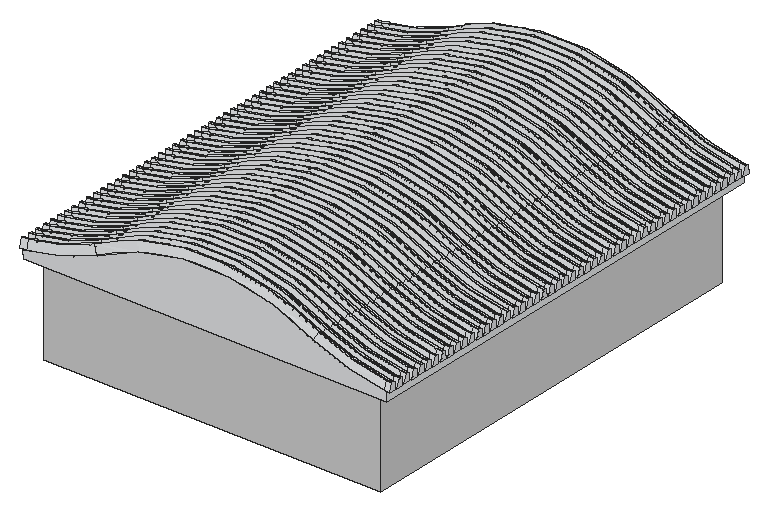
Revit family "Wall_Heaters-QMark-SSAR_Smart_Series", category Mechanical Equipment, host Face, Revit 2016
Family settings
  Host = Face
  Part Type = Normal
  Round Connector Dimension = Use Diameter
  OmniClass Number = 23.75.70.17.34
  OmniClass Title = Unit Heaters
  Cut with Voids When Loaded = No
  Shared = No
  Room Calculation Point = No
Parameters (values of type "SSAR4808")
  Width = 1' - 2.416"
  Watts = 1800 W
  Voltage = 208 V
  URL = "http://www.marleymep.com/en/berko/"
  Total Heating Capacity = 0.0 Btu/h
  Surface Mount [instance] = no
  RM [instance] = 1 = 0  # no
  Product Page URL = "https://www.marleymep.com/products/qmark/artisan-smartseries-architectural-digital-wall-heater"
  Product Name = "SSAR Smart Series - Wall Heaters"  # constant formula
  Product Documentation Link = "https://www.marleymep.com/system/files/node/file/field-file//zss-qssar.pdf"
  Power Factor = 0
  Phase = 1
  Number of Poles = 1
  Model = "SSAR4808"
  Material = ""
  Manufacturer = "Marley Engineered Products"  # constant formula
  Height = 1' - 6 1/4"  # constant formula
  Frequency = 60 Hz
  Recessed Dimension [instance] = if(Surface Mount, 0' 0 1/8", if(RM, 0' 3 3/4", if(Semi Recessed Mount 2, 0' 1 13/16", if(Semi Recessed Mount 1, 0' 2 13/16", 0' 0 1/8"))))  # 0' - 2 13/16"
  Description = "Wall Heaters"  # constant formula
  Default Elevation = 4' - 0"
  Clearance On [instance] = yes
  Casing = Metal - QMark - Aluminum Finish
  Semi Recessed Mount 2 [instance] = no
  Semi Recessed Mount 1 [instance] = yes
  Apparent Load = 0 VA
  Amps = 8.7 A
Reference planes (in)
  plane 1 "Center (Front/Back)": y = 0
  plane 2: z = 0
  plane 3 "Center (Left/Right)": x = 0
  plane 4 "Left": x = -7.208
  plane 5 "Right": x = 7.208
  plane 6 "Top": y = 9.125
  plane 7 "Bottom": y = -9.125
  plane 8: z = -2.8125
  plane 9: z = -2.8125
  plane 10: z = 1.0625
Forms (in)
  Extrusion 1, solid, material "Metal - QMark - Aluminum Finish"
    sketch origin (0, 0, 0) x (1, 0, 0) y (0, 1, 0)
      loop
        line (-7.208, 9.125) -> (-7.208, -9.125) -> (7.208, -9.125) -> (7.208, 9.125) -> (-7.208, 9.125)
    from -2.8125 to 1.0625
  Extrusion 2, void
    sketch origin (0, 0, 0) x (1, 0, 0) y (0, 0, 1)
      loop
        line (7.208, 0) -> (-7.208, 0) -> (-7.208, -2.8125) -> (7.208, -2.8125) -> (7.208, 0)
    from -9.125 to 9.125
Lines and regions (in)
  Masking region 1
    outline origin (0, 0, 0) x (1, 0, 0) y (0, 0, 1)
      loop
        line (7.208, 1.0625) -> (-7.208, 1.0625) -> (-7.208, -2.8125) -> (7.208, -2.8125) -> (7.208, 1.0625)
  Masking region 2
    outline origin (0, 0, 0) x (1, 0, 0) y (0, 0, 1)
      loop
        arc (4.83677, 2.63518) -> (0.042, 3.85757) -> (-4.75277, 2.63518) r 10.01479
        arc (-4.75277, 2.63518) -> (-6.16366, 2.11352) -> (-7.6366, 1.80826) r 10.05157
        line (-7.6366, 1.80826) -> (-7.88877, 1.79504) -> (-7.88877, 1.62959) -> (-7.7439, 1.62959) -> (-7.734, 1.0625) -> (7.818, 1.0625) -> (7.8279, 1.62959) -> (7.97277, 1.62959) -> (7.97277, 1.79504) -> (7.7206, 1.80826)
        arc (7.7206, 1.80826) -> (6.24766, 2.11352) -> (4.83677, 2.63518) r 10.05157
  symbolic lines, style "MechanicalEquipmentHiddenLines", visible <- "Clearance On"
    curve 1: line (-15.208, 9.5625, 0) -> (15.208, 9.5625, 0)
    curve 2: line (-15.208, -17.125, 0) -> (-15.208, 9.5625, 0)
    curve 3: line (15.208, -17.125, 0) -> (-15.208, -17.125, 0)
    curve 4: line (15.208, 9.5625, 0) -> (15.208, -17.125, 0)
  model lines, style "GenericModel"
    curve 5: line (2.47795, 9.5625, 2.821) -> (-2.6488, 9.5625, 2.821)
    curve 6: line (2.47795, 9.5625, 1.571) -> (2.47795, 9.5625, 2.821)
    curve 7: line (-2.6488, 9.5625, 1.571) -> (2.47795, 9.5625, 1.571)
    curve 8: line (-2.6488, 9.5625, 2.821) -> (-2.6488, 9.5625, 1.571)
Dimensions and locks (in)
  equal spacing: plane 4 "Left", plane 3 "Center (Left/Right)", plane 5 "Right"
  "Width": plane 4 "Left" to plane 5 "Right"
  equal spacing: plane 6 "Top", plane 1 "Center (Front/Back)", plane 7 "Bottom"
  "Height": plane 6 "Top" to plane 7 "Bottom"
  locked: plane 9 to plane 10 at 3.875
  "Recessed Dimension": plane 9 to plane 2
  locked: curve 2 to plane 4 "Left" at 8
  locked: plane 5 "Right" to curve 4 at 8
  locked: curve 1 to plane 6 "Top" at 0.4375
  locked: plane 7 "Bottom" to curve 3 at 8
  aligned and locked: plane 2 to host face
  aligned and locked: level to host face
  aligned and locked: Extrusion 1 sketch curve to plane 5 "Right"
  aligned and locked: plane 4 "Left" to Extrusion 1 sketch curve
  aligned and locked: Extrusion 1 sketch curve to plane 6 "Top"
  aligned and locked: plane 7 "Bottom" to Extrusion 1 sketch curve
  aligned and locked: plane 9 to plane 8
  aligned and locked: plane 10 to Extrusion 1
  aligned and locked: Extrusion 1 to plane 9
  aligned and locked: Extrusion 2 sketch curve to plane 2
  aligned and locked: plane 4 "Left" to Extrusion 2 sketch curve
  aligned and locked: Extrusion 2 sketch curve to plane 5 "Right"
  aligned and locked: plane 9 to Extrusion 2 sketch curve
  aligned and locked: Extrusion 2 to plane 7 "Bottom"
  aligned and locked: plane 6 "Top" to Extrusion 2
  aligned and locked: plane 4 "Left" to Masking region 1 sketch curve
  aligned and locked: Masking region 1 sketch curve to plane 5 "Right"
  aligned and locked: Masking region 1 sketch curve to plane 10
  aligned and locked: plane 9 to Masking region 1 sketch curve
  aligned and locked: nested 1 to plane 10
Automatic sketch dimensions
  host sketch curve to host sketch curve = 8' - 0"  (x2)
  Masking region 2 sketch curve to plane 10 = 0' - 0"
  Masking region 2 sketch curve to plane 4 "Left" = 0' - 1.72624"
  Masking region 2 sketch curve to Masking region 2 sketch curve = 0' - 0.14487"  (x2)
  Masking region 2 sketch curve to Masking region 2 sketch curve = 0' - 0.1073"  (x2)
  plane 3 "Center (Left/Right)" to Masking region 2 sketch curve = 0' - 0.042"
  plane 5 "Right" to Masking region 2 sketch curve = 0' - 0.5126"
  plane 5 "Right" to Masking region 2 sketch curve = 0' - 1.81024"
  Masking region 2 sketch curve to plane 8 = 0' - 3.34471"
  plane 10 to Masking region 2 sketch curve = 0' - 0.56709"  (x2)
  Masking region 2 sketch curve to Masking region 2 sketch curve = 0' - 0.16545"  (x2)
  Masking region 2 sketch curve to Masking region 2 sketch curve = 0' - 0.17867"  (x2)
  plane 10 to Masking region 2 sketch curve = 0' - 1.57268"
  Masking region 2 sketch curve to plane 4 "Left" = 0' - 0.68077"
  Masking region 2 sketch curve to plane 4 "Left" = 0' - 0.526"
  Masking region 2 sketch curve to Masking region 2 sketch curve = 0' - 0.0099"
  Masking region 2 sketch curve to Masking region 2 sketch curve = 0' - 9.98067"  (x2)
  curve 6 to nested 1 = 0' - 10.21927"
  curve 6 to nested 1 = 0' - 0.5085"
  curve 7 to nested 1 = 0' - 5.0933"
  curve 6 to curve 7 = 0' - 0.08947"
  curve 6 to nested 1 = 0' - 10.24109"
Nested families (in)
  nested 1: "Front Panel SSARWH" at (0.042, -9.5625, 1.0625), type "Front Panel SSARWH"
Connectors (in)
  electrical at (0, 0, -2.8125), driven by "Number of Poles", driven by "Voltage", driven by "Apparent Load", driven by "Power Factor"
    settings: on Extrusion 1, index 1, voltage 208 V, apparent load 0 VA, apparent load phase1 0 VA, apparent load phase2 0 VA, apparent load phase3 0 VA, power factor 0, load classification "HVAC", number of poles 1, system type 31, power factor state 1, is connector primary yes, connector utility no, sub classification motor no, connector description "Power Connection"
Definition of nested family "Front Panel SSARWH"
  Parameters (values of type "Front Panel SSARWH")
    Width = 1' - 3 3/4"  # constant formula
    Knob = none
    Height = 1' - 7 1/8"  # constant formula
    Face Plate = none
  Reference planes (in)
    plane 1 "Center (Front/Back)": y = 0
    plane 2: z = 0
    plane 3 "Center (Left/Right)": x = 0
    plane 4: y = 19.125
  Forms (in)
    Extrusion 1, solid, material <- "Face Plate"
      sketch origin (0, 0, 0) x (1, 0, 0) y (0, 0, 1)
        loop
          line (-7.776, 0) -> (7.776, 0) -> (7.78232, 0.36227)
          arc (7.78232, 0.36227) -> (6.17119, 0.67832) -> (4.62971, 1.24352) r 10.41957
          arc (4.62971, 1.24352) -> (0, 2.42708) -> (-4.62971, 1.24352) r 9.64679
          arc (-4.62971, 1.24352) -> (-6.17119, 0.67832) -> (-7.78232, 0.36227) r 10.41957
          line (-7.78232, 0.36227) -> (-7.776, 0)
      from -19.125 to 0
    Sweep 2, solid, material <- "Face Plate"
      path origin (0, -18.14736, 0) x (1, 0, 0) y (0, 0, 1)
        loop
          line (7.93077, 0.73254) -> (7.6786, 0.74576)
          arc (7.6786, 0.74576) -> (6.20566, 1.05102) -> (4.79477, 1.57268) r 10.05157
          arc (4.79477, 1.57268) -> (0, 2.79507) -> (-4.79477, 1.57268) r 10.01479
          arc (-4.79477, 1.57268) -> (-6.20566, 1.05102) -> (-7.6786, 0.74576) r 10.05157
          line (-7.6786, 0.74576) -> (-7.93077, 0.73254)
      profile origin (0, -18.14736, 2.79507) x (0, 0, -1) y (0, -1, 0)
        loop
          line (0.03163, -18.39926) -> (0.368, -18.42278) -> (0.368, -18.15448) -> (0.00072, -18.25289) -> (0.00072, -18.28391) -> (0.03163, -18.39926)
    Sweep 3, solid, material <- "Face Plate"
      path origin (0, -17.76124, 0) x (1, 0, 0) y (0, 0, 1)
        loop
          line (7.93077, 0.73254) -> (7.6786, 0.74576)
          arc (7.6786, 0.74576) -> (6.20566, 1.05102) -> (4.79477, 1.57268) r 10.05157
          arc (4.79477, 1.57268) -> (0, 2.79507) -> (-4.79477, 1.57268) r 10.01479
          arc (-4.79477, 1.57268) -> (-6.20566, 1.05102) -> (-7.6786, 0.74576) r 10.05157
          line (-7.6786, 0.74576) -> (-7.93077, 0.73254)
      profile origin (0, -17.76124, 2.79507) x (0, 0, -1) y (0, -1, 0)
        loop
          line (0.03163, -18.39926) -> (0.368, -18.42278) -> (0.368, -18.15448) -> (0.00072, -18.25289) -> (0.00072, -18.28391) -> (0.03163, -18.39926)
    Sweep 4, solid, material <- "Face Plate"
      path origin (0, -17.37513, 0) x (1, 0, 0) y (0, 0, 1)
        loop
          line (7.93077, 0.73254) -> (7.6786, 0.74576)
          arc (7.6786, 0.74576) -> (6.20566, 1.05102) -> (4.79477, 1.57268) r 10.05157
          arc (4.79477, 1.57268) -> (0, 2.79507) -> (-4.79477, 1.57268) r 10.01479
          arc (-4.79477, 1.57268) -> (-6.20566, 1.05102) -> (-7.6786, 0.74576) r 10.05157
          line (-7.6786, 0.74576) -> (-7.93077, 0.73254)
      profile origin (0, -17.37513, 2.79507) x (0, 0, -1) y (0, -1, 0)
        loop
          line (0.03163, -18.39926) -> (0.368, -18.42278) -> (0.368, -18.15448) -> (0.00072, -18.25289) -> (0.00072, -18.28391) -> (0.03163, -18.39926)
    Sweep 5, solid, material <- "Face Plate"
      path origin (0, -16.98901, 0) x (1, 0, 0) y (0, 0, 1)
        loop
          line (7.93077, 0.73254) -> (7.6786, 0.74576)
          arc (7.6786, 0.74576) -> (6.20566, 1.05102) -> (4.79477, 1.57268) r 10.05157
          arc (4.79477, 1.57268) -> (0, 2.79507) -> (-4.79477, 1.57268) r 10.01479
          arc (-4.79477, 1.57268) -> (-6.20566, 1.05102) -> (-7.6786, 0.74576) r 10.05157
          line (-7.6786, 0.74576) -> (-7.93077, 0.73254)
      profile origin (0, -16.98901, 2.79507) x (0, 0, -1) y (0, -1, 0)
        loop
          line (0.03163, -18.39926) -> (0.368, -18.42278) -> (0.368, -18.15448) -> (0.00072, -18.25289) -> (0.00072, -18.28391) -> (0.03163, -18.39926)
    Sweep 6, solid, material <- "Face Plate"
      path origin (0, -16.6029, 0) x (1, 0, 0) y (0, 0, 1)
        loop
          line (7.93077, 0.73254) -> (7.6786, 0.74576)
          arc (7.6786, 0.74576) -> (6.20566, 1.05102) -> (4.79477, 1.57268) r 10.05157
          arc (4.79477, 1.57268) -> (0, 2.79507) -> (-4.79477, 1.57268) r 10.01479
          arc (-4.79477, 1.57268) -> (-6.20566, 1.05102) -> (-7.6786, 0.74576) r 10.05157
          line (-7.6786, 0.74576) -> (-7.93077, 0.73254)
      profile origin (0, -16.6029, 2.79507) x (0, 0, -1) y (0, -1, 0)
        loop
          line (0.03163, -18.39926) -> (0.368, -18.42278) -> (0.368, -18.15448) -> (0.00072, -18.25289) -> (0.00072, -18.28391) -> (0.03163, -18.39926)
    Sweep 7, solid, material <- "Face Plate"
      path origin (0, -16.21679, 0) x (1, 0, 0) y (0, 0, 1)
        loop
          line (7.93077, 0.73254) -> (7.6786, 0.74576)
          arc (7.6786, 0.74576) -> (6.20566, 1.05102) -> (4.79477, 1.57268) r 10.05157
          arc (4.79477, 1.57268) -> (0, 2.79507) -> (-4.79477, 1.57268) r 10.01479
          arc (-4.79477, 1.57268) -> (-6.20566, 1.05102) -> (-7.6786, 0.74576) r 10.05157
          line (-7.6786, 0.74576) -> (-7.93077, 0.73254)
      profile origin (0, -16.21679, 2.79507) x (0, 0, -1) y (0, -1, 0)
        loop
          line (0.03163, -18.39926) -> (0.368, -18.42278) -> (0.368, -18.15448) -> (0.00072, -18.25289) -> (0.00072, -18.28391) -> (0.03163, -18.39926)
    Sweep 8, solid, material <- "Face Plate"
      path origin (0, -15.83067, 0) x (1, 0, 0) y (0, 0, 1)
        loop
          line (7.93077, 0.73254) -> (7.6786, 0.74576)
          arc (7.6786, 0.74576) -> (6.20566, 1.05102) -> (4.79477, 1.57268) r 10.05157
          arc (4.79477, 1.57268) -> (0, 2.79507) -> (-4.79477, 1.57268) r 10.01479
          arc (-4.79477, 1.57268) -> (-6.20566, 1.05102) -> (-7.6786, 0.74576) r 10.05157
          line (-7.6786, 0.74576) -> (-7.93077, 0.73254)
      profile origin (0, -15.83067, 2.79507) x (0, 0, -1) y (0, -1, 0)
        loop
          line (0.03163, -18.39926) -> (0.368, -18.42278) -> (0.368, -18.15448) -> (0.00072, -18.25289) -> (0.00072, -18.28391) -> (0.03163, -18.39926)
    Sweep 9, solid, material <- "Face Plate"
      path origin (0, -15.44456, 0) x (1, 0, 0) y (0, 0, 1)
        loop
          line (7.93077, 0.73254) -> (7.6786, 0.74576)
          arc (7.6786, 0.74576) -> (6.20566, 1.05102) -> (4.79477, 1.57268) r 10.05157
          arc (4.79477, 1.57268) -> (0, 2.79507) -> (-4.79477, 1.57268) r 10.01479
          arc (-4.79477, 1.57268) -> (-6.20566, 1.05102) -> (-7.6786, 0.74576) r 10.05157
          line (-7.6786, 0.74576) -> (-7.93077, 0.73254)
      profile origin (0, -15.44456, 2.79507) x (0, 0, -1) y (0, -1, 0)
        loop
          line (0.03163, -18.39926) -> (0.368, -18.42278) -> (0.368, -18.15448) -> (0.00072, -18.25289) -> (0.00072, -18.28391) -> (0.03163, -18.39926)
    Sweep 10, solid, material <- "Face Plate"
      path origin (0, -15.05844, 0) x (1, 0, 0) y (0, 0, 1)
        loop
          line (7.93077, 0.73254) -> (7.6786, 0.74576)
          arc (7.6786, 0.74576) -> (6.20566, 1.05102) -> (4.79477, 1.57268) r 10.05157
          arc (4.79477, 1.57268) -> (0, 2.79507) -> (-4.79477, 1.57268) r 10.01479
          arc (-4.79477, 1.57268) -> (-6.20566, 1.05102) -> (-7.6786, 0.74576) r 10.05157
          line (-7.6786, 0.74576) -> (-7.93077, 0.73254)
      profile origin (0, -15.05844, 2.79507) x (0, 0, -1) y (0, -1, 0)
        loop
          line (0.03163, -18.39926) -> (0.368, -18.42278) -> (0.368, -18.15448) -> (0.00072, -18.25289) -> (0.00072, -18.28391) -> (0.03163, -18.39926)
    Sweep 11, solid, material <- "Face Plate"
      path origin (0, -14.67233, 0) x (1, 0, 0) y (0, 0, 1)
        loop
          line (7.93077, 0.73254) -> (7.6786, 0.74576)
          arc (7.6786, 0.74576) -> (6.20566, 1.05102) -> (4.79477, 1.57268) r 10.05157
          arc (4.79477, 1.57268) -> (0, 2.79507) -> (-4.79477, 1.57268) r 10.01479
          arc (-4.79477, 1.57268) -> (-6.20566, 1.05102) -> (-7.6786, 0.74576) r 10.05157
          line (-7.6786, 0.74576) -> (-7.93077, 0.73254)
      profile origin (0, -14.67233, 2.79507) x (0, 0, -1) y (0, -1, 0)
        loop
          line (0.03163, -18.39926) -> (0.368, -18.42278) -> (0.368, -18.15448) -> (0.00072, -18.25289) -> (0.00072, -18.28391) -> (0.03163, -18.39926)
    Sweep 12, solid, material <- "Face Plate"
      path origin (0, -14.28622, 0) x (1, 0, 0) y (0, 0, 1)
        loop
          line (7.93077, 0.73254) -> (7.6786, 0.74576)
          arc (7.6786, 0.74576) -> (6.20566, 1.05102) -> (4.79477, 1.57268) r 10.05157
          arc (4.79477, 1.57268) -> (0, 2.79507) -> (-4.79477, 1.57268) r 10.01479
          arc (-4.79477, 1.57268) -> (-6.20566, 1.05102) -> (-7.6786, 0.74576) r 10.05157
          line (-7.6786, 0.74576) -> (-7.93077, 0.73254)
      profile origin (0, -14.28622, 2.79507) x (0, 0, -1) y (0, -1, 0)
        loop
          line (0.03163, -18.39926) -> (0.368, -18.42278) -> (0.368, -18.15448) -> (0.00072, -18.25289) -> (0.00072, -18.28391) -> (0.03163, -18.39926)
    Sweep 13, solid, material <- "Face Plate"
      path origin (0, -13.9001, 0) x (1, 0, 0) y (0, 0, 1)
        loop
          line (7.93077, 0.73254) -> (7.6786, 0.74576)
          arc (7.6786, 0.74576) -> (6.20566, 1.05102) -> (4.79477, 1.57268) r 10.05157
          arc (4.79477, 1.57268) -> (0, 2.79507) -> (-4.79477, 1.57268) r 10.01479
          arc (-4.79477, 1.57268) -> (-6.20566, 1.05102) -> (-7.6786, 0.74576) r 10.05157
          line (-7.6786, 0.74576) -> (-7.93077, 0.73254)
      profile origin (0, -13.9001, 2.79507) x (0, 0, -1) y (0, -1, 0)
        loop
          line (0.03163, -18.39926) -> (0.368, -18.42278) -> (0.368, -18.15448) -> (0.00072, -18.25289) -> (0.00072, -18.28391) -> (0.03163, -18.39926)
    Sweep 14, solid, material <- "Face Plate"
      path origin (0, -13.51399, 0) x (1, 0, 0) y (0, 0, 1)
        loop
          line (7.93077, 0.73254) -> (7.6786, 0.74576)
          arc (7.6786, 0.74576) -> (6.20566, 1.05102) -> (4.79477, 1.57268) r 10.05157
          arc (4.79477, 1.57268) -> (0, 2.79507) -> (-4.79477, 1.57268) r 10.01479
          arc (-4.79477, 1.57268) -> (-6.20566, 1.05102) -> (-7.6786, 0.74576) r 10.05157
          line (-7.6786, 0.74576) -> (-7.93077, 0.73254)
      profile origin (0, -13.51399, 2.79507) x (0, 0, -1) y (0, -1, 0)
        loop
          line (0.03163, -18.39926) -> (0.368, -18.42278) -> (0.368, -18.15448) -> (0.00072, -18.25289) -> (0.00072, -18.28391) -> (0.03163, -18.39926)
    Sweep 15, solid, material <- "Face Plate"
      path origin (0, -13.12787, 0) x (1, 0, 0) y (0, 0, 1)
        loop
          line (7.93077, 0.73254) -> (7.6786, 0.74576)
          arc (7.6786, 0.74576) -> (6.20566, 1.05102) -> (4.79477, 1.57268) r 10.05157
          arc (4.79477, 1.57268) -> (0, 2.79507) -> (-4.79477, 1.57268) r 10.01479
          arc (-4.79477, 1.57268) -> (-6.20566, 1.05102) -> (-7.6786, 0.74576) r 10.05157
          line (-7.6786, 0.74576) -> (-7.93077, 0.73254)
      profile origin (0, -13.12787, 2.79507) x (0, 0, -1) y (0, -1, 0)
        loop
          line (0.03163, -18.39926) -> (0.368, -18.42278) -> (0.368, -18.15448) -> (0.00072, -18.25289) -> (0.00072, -18.28391) -> (0.03163, -18.39926)
    Sweep 16, solid, material <- "Face Plate"
      path origin (0, -12.74176, 0) x (1, 0, 0) y (0, 0, 1)
        loop
          line (7.93077, 0.73254) -> (7.6786, 0.74576)
          arc (7.6786, 0.74576) -> (6.20566, 1.05102) -> (4.79477, 1.57268) r 10.05157
          arc (4.79477, 1.57268) -> (0, 2.79507) -> (-4.79477, 1.57268) r 10.01479
          arc (-4.79477, 1.57268) -> (-6.20566, 1.05102) -> (-7.6786, 0.74576) r 10.05157
          line (-7.6786, 0.74576) -> (-7.93077, 0.73254)
      profile origin (0, -12.74176, 2.79507) x (0, 0, -1) y (0, -1, 0)
        loop
          line (0.03163, -18.39926) -> (0.368, -18.42278) -> (0.368, -18.15448) -> (0.00072, -18.25289) -> (0.00072, -18.28391) -> (0.03163, -18.39926)
    Sweep 17, solid, material <- "Face Plate"
      path origin (0, -12.35565, 0) x (1, 0, 0) y (0, 0, 1)
        loop
          line (7.93077, 0.73254) -> (7.6786, 0.74576)
          arc (7.6786, 0.74576) -> (6.20566, 1.05102) -> (4.79477, 1.57268) r 10.05157
          arc (4.79477, 1.57268) -> (0, 2.79507) -> (-4.79477, 1.57268) r 10.01479
          arc (-4.79477, 1.57268) -> (-6.20566, 1.05102) -> (-7.6786, 0.74576) r 10.05157
          line (-7.6786, 0.74576) -> (-7.93077, 0.73254)
      profile origin (0, -12.35565, 2.79507) x (0, 0, -1) y (0, -1, 0)
        loop
          line (0.03163, -18.39926) -> (0.368, -18.42278) -> (0.368, -18.15448) -> (0.00072, -18.25289) -> (0.00072, -18.28391) -> (0.03163, -18.39926)
    Sweep 18, solid, material <- "Face Plate"
      path origin (0, -11.96953, 0) x (1, 0, 0) y (0, 0, 1)
        loop
          line (7.93077, 0.73254) -> (7.6786, 0.74576)
          arc (7.6786, 0.74576) -> (6.20566, 1.05102) -> (4.79477, 1.57268) r 10.05157
          arc (4.79477, 1.57268) -> (0, 2.79507) -> (-4.79477, 1.57268) r 10.01479
          arc (-4.79477, 1.57268) -> (-6.20566, 1.05102) -> (-7.6786, 0.74576) r 10.05157
          line (-7.6786, 0.74576) -> (-7.93077, 0.73254)
      profile origin (0, -11.96953, 2.79507) x (0, 0, -1) y (0, -1, 0)
        loop
          line (0.03163, -18.39926) -> (0.368, -18.42278) -> (0.368, -18.15448) -> (0.00072, -18.25289) -> (0.00072, -18.28391) -> (0.03163, -18.39926)
    Sweep 19, solid, material <- "Face Plate"
      path origin (0, -11.58342, 0) x (1, 0, 0) y (0, 0, 1)
        loop
          line (7.93077, 0.73254) -> (7.6786, 0.74576)
          arc (7.6786, 0.74576) -> (6.20566, 1.05102) -> (4.79477, 1.57268) r 10.05157
          arc (4.79477, 1.57268) -> (0, 2.79507) -> (-4.79477, 1.57268) r 10.01479
          arc (-4.79477, 1.57268) -> (-6.20566, 1.05102) -> (-7.6786, 0.74576) r 10.05157
          line (-7.6786, 0.74576) -> (-7.93077, 0.73254)
      profile origin (0, -11.58342, 2.79507) x (0, 0, -1) y (0, -1, 0)
        loop
          line (0.03163, -18.39926) -> (0.368, -18.42278) -> (0.368, -18.15448) -> (0.00072, -18.25289) -> (0.00072, -18.28391) -> (0.03163, -18.39926)
    Sweep 20, solid, material <- "Face Plate"
      path origin (0, -11.1973, 0) x (1, 0, 0) y (0, 0, 1)
        loop
          line (7.93077, 0.73254) -> (7.6786, 0.74576)
          arc (7.6786, 0.74576) -> (6.20566, 1.05102) -> (4.79477, 1.57268) r 10.05157
          arc (4.79477, 1.57268) -> (0, 2.79507) -> (-4.79477, 1.57268) r 10.01479
          arc (-4.79477, 1.57268) -> (-6.20566, 1.05102) -> (-7.6786, 0.74576) r 10.05157
          line (-7.6786, 0.74576) -> (-7.93077, 0.73254)
      profile origin (0, -11.1973, 2.79507) x (0, 0, -1) y (0, -1, 0)
        loop
          line (0.03163, -18.39926) -> (0.368, -18.42278) -> (0.368, -18.15448) -> (0.00072, -18.25289) -> (0.00072, -18.28391) -> (0.03163, -18.39926)
    Sweep 21, solid, material <- "Face Plate"
      path origin (0, -10.81119, 0) x (1, 0, 0) y (0, 0, 1)
        loop
          line (7.93077, 0.73254) -> (7.6786, 0.74576)
          arc (7.6786, 0.74576) -> (6.20566, 1.05102) -> (4.79477, 1.57268) r 10.05157
          arc (4.79477, 1.57268) -> (0, 2.79507) -> (-4.79477, 1.57268) r 10.01479
          arc (-4.79477, 1.57268) -> (-6.20566, 1.05102) -> (-7.6786, 0.74576) r 10.05157
          line (-7.6786, 0.74576) -> (-7.93077, 0.73254)
      profile origin (0, -10.81119, 2.79507) x (0, 0, -1) y (0, -1, 0)
        loop
          line (0.03163, -18.39926) -> (0.368, -18.42278) -> (0.368, -18.15448) -> (0.00072, -18.25289) -> (0.00072, -18.28391) -> (0.03163, -18.39926)
    Sweep 22, solid, material <- "Face Plate"
      path origin (0, -10.42508, 0) x (1, 0, 0) y (0, 0, 1)
        loop
          line (7.93077, 0.73254) -> (7.6786, 0.74576)
          arc (7.6786, 0.74576) -> (6.20566, 1.05102) -> (4.79477, 1.57268) r 10.05157
          arc (4.79477, 1.57268) -> (0, 2.79507) -> (-4.79477, 1.57268) r 10.01479
          arc (-4.79477, 1.57268) -> (-6.20566, 1.05102) -> (-7.6786, 0.74576) r 10.05157
          line (-7.6786, 0.74576) -> (-7.93077, 0.73254)
      profile origin (0, -10.42508, 2.79507) x (0, 0, -1) y (0, -1, 0)
        loop
          line (0.03163, -18.39926) -> (0.368, -18.42278) -> (0.368, -18.15448) -> (0.00072, -18.25289) -> (0.00072, -18.28391) -> (0.03163, -18.39926)
    Sweep 23, solid, material <- "Face Plate"
      path origin (0, -10.03896, 0) x (1, 0, 0) y (0, 0, 1)
        loop
          line (7.93077, 0.73254) -> (7.6786, 0.74576)
          arc (7.6786, 0.74576) -> (6.20566, 1.05102) -> (4.79477, 1.57268) r 10.05157
          arc (4.79477, 1.57268) -> (0, 2.79507) -> (-4.79477, 1.57268) r 10.01479
          arc (-4.79477, 1.57268) -> (-6.20566, 1.05102) -> (-7.6786, 0.74576) r 10.05157
          line (-7.6786, 0.74576) -> (-7.93077, 0.73254)
      profile origin (0, -10.03896, 2.79507) x (0, 0, -1) y (0, -1, 0)
        loop
          line (0.03163, -18.39926) -> (0.368, -18.42278) -> (0.368, -18.15448) -> (0.00072, -18.25289) -> (0.00072, -18.28391) -> (0.03163, -18.39926)
    Sweep 24, solid, material <- "Face Plate"
      path origin (0, -9.65285, 0) x (1, 0, 0) y (0, 0, 1)
        loop
          line (7.93077, 0.73254) -> (7.6786, 0.74576)
          arc (7.6786, 0.74576) -> (6.20566, 1.05102) -> (4.79477, 1.57268) r 10.05157
          arc (4.79477, 1.57268) -> (0, 2.79507) -> (-4.79477, 1.57268) r 10.01479
          arc (-4.79477, 1.57268) -> (-6.20566, 1.05102) -> (-7.6786, 0.74576) r 10.05157
          line (-7.6786, 0.74576) -> (-7.93077, 0.73254)
      profile origin (0, -9.65285, 2.79507) x (0, 0, -1) y (0, -1, 0)
        loop
          line (0.03163, -18.39926) -> (0.368, -18.42278) -> (0.368, -18.15448) -> (0.00072, -18.25289) -> (0.00072, -18.28391) -> (0.03163, -18.39926)
    Sweep 25, solid, material <- "Face Plate"
      path origin (0, -9.26673, 0) x (1, 0, 0) y (0, 0, 1)
        loop
          line (7.93077, 0.73254) -> (7.6786, 0.74576)
          arc (7.6786, 0.74576) -> (6.20566, 1.05102) -> (4.79477, 1.57268) r 10.05157
          arc (4.79477, 1.57268) -> (0, 2.79507) -> (-4.79477, 1.57268) r 10.01479
          arc (-4.79477, 1.57268) -> (-6.20566, 1.05102) -> (-7.6786, 0.74576) r 10.05157
          line (-7.6786, 0.74576) -> (-7.93077, 0.73254)
      profile origin (0, -9.26673, 2.79507) x (0, 0, -1) y (0, -1, 0)
        loop
          line (0.03163, -18.39926) -> (0.368, -18.42278) -> (0.368, -18.15448) -> (0.00072, -18.25289) -> (0.00072, -18.28391) -> (0.03163, -18.39926)
    Sweep 26, solid, material <- "Face Plate"
      path origin (0, -8.88062, 0) x (1, 0, 0) y (0, 0, 1)
        loop
          line (7.93077, 0.73254) -> (7.6786, 0.74576)
          arc (7.6786, 0.74576) -> (6.20566, 1.05102) -> (4.79477, 1.57268) r 10.05157
          arc (4.79477, 1.57268) -> (0, 2.79507) -> (-4.79477, 1.57268) r 10.01479
          arc (-4.79477, 1.57268) -> (-6.20566, 1.05102) -> (-7.6786, 0.74576) r 10.05157
          line (-7.6786, 0.74576) -> (-7.93077, 0.73254)
      profile origin (0, -8.88062, 2.79507) x (0, 0, -1) y (0, -1, 0)
        loop
          line (0.03163, -18.39926) -> (0.368, -18.42278) -> (0.368, -18.15448) -> (0.00072, -18.25289) -> (0.00072, -18.28391) -> (0.03163, -18.39926)
    Sweep 27, solid, material <- "Face Plate"
      path origin (0, -8.49451, 0) x (1, 0, 0) y (0, 0, 1)
        loop
          line (7.93077, 0.73254) -> (7.6786, 0.74576)
          arc (7.6786, 0.74576) -> (6.20566, 1.05102) -> (4.79477, 1.57268) r 10.05157
          arc (4.79477, 1.57268) -> (0, 2.79507) -> (-4.79477, 1.57268) r 10.01479
          arc (-4.79477, 1.57268) -> (-6.20566, 1.05102) -> (-7.6786, 0.74576) r 10.05157
          line (-7.6786, 0.74576) -> (-7.93077, 0.73254)
      profile origin (0, -8.49451, 2.79507) x (0, 0, -1) y (0, -1, 0)
        loop
          line (0.03163, -18.39926) -> (0.368, -18.42278) -> (0.368, -18.15448) -> (0.00072, -18.25289) -> (0.00072, -18.28391) -> (0.03163, -18.39926)
    Sweep 28, solid, material <- "Face Plate"
      path origin (0, -8.10839, 0) x (1, 0, 0) y (0, 0, 1)
        loop
          line (7.93077, 0.73254) -> (7.6786, 0.74576)
          arc (7.6786, 0.74576) -> (6.20566, 1.05102) -> (4.79477, 1.57268) r 10.05157
          arc (4.79477, 1.57268) -> (0, 2.79507) -> (-4.79477, 1.57268) r 10.01479
          arc (-4.79477, 1.57268) -> (-6.20566, 1.05102) -> (-7.6786, 0.74576) r 10.05157
          line (-7.6786, 0.74576) -> (-7.93077, 0.73254)
      profile origin (0, -8.10839, 2.79507) x (0, 0, -1) y (0, -1, 0)
        loop
          line (0.03163, -18.39926) -> (0.368, -18.42278) -> (0.368, -18.15448) -> (0.00072, -18.25289) -> (0.00072, -18.28391) -> (0.03163, -18.39926)
    Sweep 29, solid, material <- "Face Plate"
      path origin (0, -7.72228, 0) x (1, 0, 0) y (0, 0, 1)
        loop
          line (7.93077, 0.73254) -> (7.6786, 0.74576)
          arc (7.6786, 0.74576) -> (6.20566, 1.05102) -> (4.79477, 1.57268) r 10.05157
          arc (4.79477, 1.57268) -> (0, 2.79507) -> (-4.79477, 1.57268) r 10.01479
          arc (-4.79477, 1.57268) -> (-6.20566, 1.05102) -> (-7.6786, 0.74576) r 10.05157
          line (-7.6786, 0.74576) -> (-7.93077, 0.73254)
      profile origin (0, -7.72228, 2.79507) x (0, 0, -1) y (0, -1, 0)
        loop
          line (0.03163, -18.39926) -> (0.368, -18.42278) -> (0.368, -18.15448) -> (0.00072, -18.25289) -> (0.00072, -18.28391) -> (0.03163, -18.39926)
    Sweep 30, solid, material <- "Face Plate"
      path origin (0, -7.33616, 0) x (1, 0, 0) y (0, 0, 1)
        loop
          line (7.93077, 0.73254) -> (7.6786, 0.74576)
          arc (7.6786, 0.74576) -> (6.20566, 1.05102) -> (4.79477, 1.57268) r 10.05157
          arc (4.79477, 1.57268) -> (0, 2.79507) -> (-4.79477, 1.57268) r 10.01479
          arc (-4.79477, 1.57268) -> (-6.20566, 1.05102) -> (-7.6786, 0.74576) r 10.05157
          line (-7.6786, 0.74576) -> (-7.93077, 0.73254)
      profile origin (0, -7.33616, 2.79507) x (0, 0, -1) y (0, -1, 0)
        loop
          line (0.03163, -18.39926) -> (0.368, -18.42278) -> (0.368, -18.15448) -> (0.00072, -18.25289) -> (0.00072, -18.28391) -> (0.03163, -18.39926)
    Sweep 31, solid, material <- "Face Plate"
      path origin (0, -6.95005, 0) x (1, 0, 0) y (0, 0, 1)
        loop
          line (7.93077, 0.73254) -> (7.6786, 0.74576)
          arc (7.6786, 0.74576) -> (6.20566, 1.05102) -> (4.79477, 1.57268) r 10.05157
          arc (4.79477, 1.57268) -> (0, 2.79507) -> (-4.79477, 1.57268) r 10.01479
          arc (-4.79477, 1.57268) -> (-6.20566, 1.05102) -> (-7.6786, 0.74576) r 10.05157
          line (-7.6786, 0.74576) -> (-7.93077, 0.73254)
      profile origin (0, -6.95005, 2.79507) x (0, 0, -1) y (0, -1, 0)
        loop
          line (0.03163, -18.39926) -> (0.368, -18.42278) -> (0.368, -18.15448) -> (0.00072, -18.25289) -> (0.00072, -18.28391) -> (0.03163, -18.39926)
    Sweep 32, solid, material <- "Face Plate"
      path origin (0, -6.56394, 0) x (1, 0, 0) y (0, 0, 1)
        loop
          line (7.93077, 0.73254) -> (7.6786, 0.74576)
          arc (7.6786, 0.74576) -> (6.20566, 1.05102) -> (4.79477, 1.57268) r 10.05157
          arc (4.79477, 1.57268) -> (0, 2.79507) -> (-4.79477, 1.57268) r 10.01479
          arc (-4.79477, 1.57268) -> (-6.20566, 1.05102) -> (-7.6786, 0.74576) r 10.05157
          line (-7.6786, 0.74576) -> (-7.93077, 0.73254)
      profile origin (0, -6.56394, 2.79507) x (0, 0, -1) y (0, -1, 0)
        loop
          line (0.03163, -18.39926) -> (0.368, -18.42278) -> (0.368, -18.15448) -> (0.00072, -18.25289) -> (0.00072, -18.28391) -> (0.03163, -18.39926)
    Sweep 33, solid, material <- "Face Plate"
      path origin (0, -6.17782, 0) x (1, 0, 0) y (0, 0, 1)
        loop
          line (7.93077, 0.73254) -> (7.6786, 0.74576)
          arc (7.6786, 0.74576) -> (6.20566, 1.05102) -> (4.79477, 1.57268) r 10.05157
          arc (4.79477, 1.57268) -> (0, 2.79507) -> (-4.79477, 1.57268) r 10.01479
          arc (-4.79477, 1.57268) -> (-6.20566, 1.05102) -> (-7.6786, 0.74576) r 10.05157
          line (-7.6786, 0.74576) -> (-7.93077, 0.73254)
      profile origin (0, -6.17782, 2.79507) x (0, 0, -1) y (0, -1, 0)
        loop
          line (0.03163, -18.39926) -> (0.368, -18.42278) -> (0.368, -18.15448) -> (0.00072, -18.25289) -> (0.00072, -18.28391) -> (0.03163, -18.39926)
    Sweep 34, solid, material <- "Face Plate"
      path origin (0, -5.79171, 0) x (1, 0, 0) y (0, 0, 1)
        loop
          line (7.93077, 0.73254) -> (7.6786, 0.74576)
          arc (7.6786, 0.74576) -> (6.20566, 1.05102) -> (4.79477, 1.57268) r 10.05157
          arc (4.79477, 1.57268) -> (0, 2.79507) -> (-4.79477, 1.57268) r 10.01479
          arc (-4.79477, 1.57268) -> (-6.20566, 1.05102) -> (-7.6786, 0.74576) r 10.05157
          line (-7.6786, 0.74576) -> (-7.93077, 0.73254)
      profile origin (0, -5.79171, 2.79507) x (0, 0, -1) y (0, -1, 0)
        loop
          line (0.03163, -18.39926) -> (0.368, -18.42278) -> (0.368, -18.15448) -> (0.00072, -18.25289) -> (0.00072, -18.28391) -> (0.03163, -18.39926)
    Sweep 35, solid, material <- "Face Plate"
      path origin (0, -5.4056, 0) x (1, 0, 0) y (0, 0, 1)
        loop
          line (7.93077, 0.73254) -> (7.6786, 0.74576)
          arc (7.6786, 0.74576) -> (6.20566, 1.05102) -> (4.79477, 1.57268) r 10.05157
          arc (4.79477, 1.57268) -> (0, 2.79507) -> (-4.79477, 1.57268) r 10.01479
          arc (-4.79477, 1.57268) -> (-6.20566, 1.05102) -> (-7.6786, 0.74576) r 10.05157
          line (-7.6786, 0.74576) -> (-7.93077, 0.73254)
      profile origin (0, -5.4056, 2.79507) x (0, 0, -1) y (0, -1, 0)
        loop
          line (0.03163, -18.39926) -> (0.368, -18.42278) -> (0.368, -18.15448) -> (0.00072, -18.25289) -> (0.00072, -18.28391) -> (0.03163, -18.39926)
    Sweep 36, solid, material <- "Face Plate"
      path origin (0, -5.01948, 0) x (1, 0, 0) y (0, 0, 1)
        loop
          line (7.93077, 0.73254) -> (7.6786, 0.74576)
          arc (7.6786, 0.74576) -> (6.20566, 1.05102) -> (4.79477, 1.57268) r 10.05157
          arc (4.79477, 1.57268) -> (0, 2.79507) -> (-4.79477, 1.57268) r 10.01479
          arc (-4.79477, 1.57268) -> (-6.20566, 1.05102) -> (-7.6786, 0.74576) r 10.05157
          line (-7.6786, 0.74576) -> (-7.93077, 0.73254)
      profile origin (0, -5.01948, 2.79507) x (0, 0, -1) y (0, -1, 0)
        loop
          line (0.03163, -18.39926) -> (0.368, -18.42278) -> (0.368, -18.15448) -> (0.00072, -18.25289) -> (0.00072, -18.28391) -> (0.03163, -18.39926)
    Sweep 37, solid, material <- "Face Plate"
      path origin (0, -4.63337, 0) x (1, 0, 0) y (0, 0, 1)
        loop
          line (7.93077, 0.73254) -> (7.6786, 0.74576)
          arc (7.6786, 0.74576) -> (6.20566, 1.05102) -> (4.79477, 1.57268) r 10.05157
          arc (4.79477, 1.57268) -> (0, 2.79507) -> (-4.79477, 1.57268) r 10.01479
          arc (-4.79477, 1.57268) -> (-6.20566, 1.05102) -> (-7.6786, 0.74576) r 10.05157
          line (-7.6786, 0.74576) -> (-7.93077, 0.73254)
      profile origin (0, -4.63337, 2.79507) x (0, 0, -1) y (0, -1, 0)
        loop
          line (0.03163, -18.39926) -> (0.368, -18.42278) -> (0.368, -18.15448) -> (0.00072, -18.25289) -> (0.00072, -18.28391) -> (0.03163, -18.39926)
    Sweep 38, solid, material <- "Face Plate"
      path origin (0, -4.24725, 0) x (1, 0, 0) y (0, 0, 1)
        loop
          line (7.93077, 0.73254) -> (7.6786, 0.74576)
          arc (7.6786, 0.74576) -> (6.20566, 1.05102) -> (4.79477, 1.57268) r 10.05157
          arc (4.79477, 1.57268) -> (0, 2.79507) -> (-4.79477, 1.57268) r 10.01479
          arc (-4.79477, 1.57268) -> (-6.20566, 1.05102) -> (-7.6786, 0.74576) r 10.05157
          line (-7.6786, 0.74576) -> (-7.93077, 0.73254)
      profile origin (0, -4.24725, 2.79507) x (0, 0, -1) y (0, -1, 0)
        loop
          line (0.03163, -18.39926) -> (0.368, -18.42278) -> (0.368, -18.15448) -> (0.00072, -18.25289) -> (0.00072, -18.28391) -> (0.03163, -18.39926)
    Sweep 39, solid, material <- "Face Plate"
      path origin (0, -3.86114, 0) x (1, 0, 0) y (0, 0, 1)
        loop
          line (7.93077, 0.73254) -> (7.6786, 0.74576)
          arc (7.6786, 0.74576) -> (6.20566, 1.05102) -> (4.79477, 1.57268) r 10.05157
          arc (4.79477, 1.57268) -> (0, 2.79507) -> (-4.79477, 1.57268) r 10.01479
          arc (-4.79477, 1.57268) -> (-6.20566, 1.05102) -> (-7.6786, 0.74576) r 10.05157
          line (-7.6786, 0.74576) -> (-7.93077, 0.73254)
      profile origin (0, -3.86114, 2.79507) x (0, 0, -1) y (0, -1, 0)
        loop
          line (0.03163, -18.39926) -> (0.368, -18.42278) -> (0.368, -18.15448) -> (0.00072, -18.25289) -> (0.00072, -18.28391) -> (0.03163, -18.39926)
    Sweep 40, solid, material <- "Face Plate"
      path origin (0, -3.47503, 0) x (1, 0, 0) y (0, 0, 1)
        loop
          line (7.93077, 0.73254) -> (7.6786, 0.74576)
          arc (7.6786, 0.74576) -> (6.20566, 1.05102) -> (4.79477, 1.57268) r 10.05157
          arc (4.79477, 1.57268) -> (0, 2.79507) -> (-4.79477, 1.57268) r 10.01479
          arc (-4.79477, 1.57268) -> (-6.20566, 1.05102) -> (-7.6786, 0.74576) r 10.05157
          line (-7.6786, 0.74576) -> (-7.93077, 0.73254)
      profile origin (0, -3.47503, 2.79507) x (0, 0, -1) y (0, -1, 0)
        loop
          line (0.03163, -18.39926) -> (0.368, -18.42278) -> (0.368, -18.15448) -> (0.00072, -18.25289) -> (0.00072, -18.28391) -> (0.03163, -18.39926)
    Sweep 41, solid, material <- "Face Plate"
      path origin (0, -3.08891, 0) x (1, 0, 0) y (0, 0, 1)
        loop
          line (7.93077, 0.73254) -> (7.6786, 0.74576)
          arc (7.6786, 0.74576) -> (6.20566, 1.05102) -> (4.79477, 1.57268) r 10.05157
          arc (4.79477, 1.57268) -> (0, 2.79507) -> (-4.79477, 1.57268) r 10.01479
          arc (-4.79477, 1.57268) -> (-6.20566, 1.05102) -> (-7.6786, 0.74576) r 10.05157
          line (-7.6786, 0.74576) -> (-7.93077, 0.73254)
      profile origin (0, -3.08891, 2.79507) x (0, 0, -1) y (0, -1, 0)
        loop
          line (0.03163, -18.39926) -> (0.368, -18.42278) -> (0.368, -18.15448) -> (0.00072, -18.25289) -> (0.00072, -18.28391) -> (0.03163, -18.39926)
    Sweep 42, solid, material <- "Face Plate"
      path origin (0, -2.7028, 0) x (1, 0, 0) y (0, 0, 1)
        loop
          line (7.93077, 0.73254) -> (7.6786, 0.74576)
          arc (7.6786, 0.74576) -> (6.20566, 1.05102) -> (4.79477, 1.57268) r 10.05157
          arc (4.79477, 1.57268) -> (0, 2.79507) -> (-4.79477, 1.57268) r 10.01479
          arc (-4.79477, 1.57268) -> (-6.20566, 1.05102) -> (-7.6786, 0.74576) r 10.05157
          line (-7.6786, 0.74576) -> (-7.93077, 0.73254)
      profile origin (0, -2.7028, 2.79507) x (0, 0, -1) y (0, -1, 0)
        loop
          line (0.03163, -18.39926) -> (0.368, -18.42278) -> (0.368, -18.15448) -> (0.00072, -18.25289) -> (0.00072, -18.28391) -> (0.03163, -18.39926)
    Sweep 43, solid, material <- "Face Plate"
      path origin (0, -2.31668, 0) x (1, 0, 0) y (0, 0, 1)
        loop
          line (7.93077, 0.73254) -> (7.6786, 0.74576)
          arc (7.6786, 0.74576) -> (6.20566, 1.05102) -> (4.79477, 1.57268) r 10.05157
          arc (4.79477, 1.57268) -> (0, 2.79507) -> (-4.79477, 1.57268) r 10.01479
          arc (-4.79477, 1.57268) -> (-6.20566, 1.05102) -> (-7.6786, 0.74576) r 10.05157
          line (-7.6786, 0.74576) -> (-7.93077, 0.73254)
      profile origin (0, -2.31668, 2.79507) x (0, 0, -1) y (0, -1, 0)
        loop
          line (0.03163, -18.39926) -> (0.368, -18.42278) -> (0.368, -18.15448) -> (0.00072, -18.25289) -> (0.00072, -18.28391) -> (0.03163, -18.39926)
    Sweep 44, solid, material <- "Face Plate"
      path origin (0, -1.93057, 0) x (1, 0, 0) y (0, 0, 1)
        loop
          line (7.93077, 0.73254) -> (7.6786, 0.74576)
          arc (7.6786, 0.74576) -> (6.20566, 1.05102) -> (4.79477, 1.57268) r 10.05157
          arc (4.79477, 1.57268) -> (0, 2.79507) -> (-4.79477, 1.57268) r 10.01479
          arc (-4.79477, 1.57268) -> (-6.20566, 1.05102) -> (-7.6786, 0.74576) r 10.05157
          line (-7.6786, 0.74576) -> (-7.93077, 0.73254)
      profile origin (0, -1.93057, 2.79507) x (0, 0, -1) y (0, -1, 0)
        loop
          line (0.03163, -18.39926) -> (0.368, -18.42278) -> (0.368, -18.15448) -> (0.00072, -18.25289) -> (0.00072, -18.28391) -> (0.03163, -18.39926)
    Sweep 45, solid, material <- "Face Plate"
      path origin (0, -1.54446, 0) x (1, 0, 0) y (0, 0, 1)
        loop
          line (7.93077, 0.73254) -> (7.6786, 0.74576)
          arc (7.6786, 0.74576) -> (6.20566, 1.05102) -> (4.79477, 1.57268) r 10.05157
          arc (4.79477, 1.57268) -> (0, 2.79507) -> (-4.79477, 1.57268) r 10.01479
          arc (-4.79477, 1.57268) -> (-6.20566, 1.05102) -> (-7.6786, 0.74576) r 10.05157
          line (-7.6786, 0.74576) -> (-7.93077, 0.73254)
      profile origin (0, -1.54446, 2.79507) x (0, 0, -1) y (0, -1, 0)
        loop
          line (0.03163, -18.39926) -> (0.368, -18.42278) -> (0.368, -18.15448) -> (0.00072, -18.25289) -> (0.00072, -18.28391) -> (0.03163, -18.39926)
    Sweep 46, solid, material <- "Face Plate"
      path origin (0, -1.15834, 0) x (1, 0, 0) y (0, 0, 1)
        loop
          line (7.93077, 0.73254) -> (7.6786, 0.74576)
          arc (7.6786, 0.74576) -> (6.20566, 1.05102) -> (4.79477, 1.57268) r 10.05157
          arc (4.79477, 1.57268) -> (0, 2.79507) -> (-4.79477, 1.57268) r 10.01479
          arc (-4.79477, 1.57268) -> (-6.20566, 1.05102) -> (-7.6786, 0.74576) r 10.05157
          line (-7.6786, 0.74576) -> (-7.93077, 0.73254)
      profile origin (0, -1.15834, 2.79507) x (0, 0, -1) y (0, -1, 0)
        loop
          line (0.03163, -18.39926) -> (0.368, -18.42278) -> (0.368, -18.15448) -> (0.00072, -18.25289) -> (0.00072, -18.28391) -> (0.03163, -18.39926)
    Sweep 47, solid, material <- "Face Plate"
      path origin (0, -0.77223, 0) x (1, 0, 0) y (0, 0, 1)
        loop
          line (7.93077, 0.73254) -> (7.6786, 0.74576)
          arc (7.6786, 0.74576) -> (6.20566, 1.05102) -> (4.79477, 1.57268) r 10.05157
          arc (4.79477, 1.57268) -> (0, 2.79507) -> (-4.79477, 1.57268) r 10.01479
          arc (-4.79477, 1.57268) -> (-6.20566, 1.05102) -> (-7.6786, 0.74576) r 10.05157
          line (-7.6786, 0.74576) -> (-7.93077, 0.73254)
      profile origin (0, -0.77223, 2.79507) x (0, 0, -1) y (0, -1, 0)
        loop
          line (0.03163, -18.39926) -> (0.368, -18.42278) -> (0.368, -18.15448) -> (0.00072, -18.25289) -> (0.00072, -18.28391) -> (0.03163, -18.39926)
    Sweep 48, solid, material <- "Face Plate"
      path origin (0, -0.38611, 0) x (1, 0, 0) y (0, 0, 1)
        loop
          line (7.93077, 0.73254) -> (7.6786, 0.74576)
          arc (7.6786, 0.74576) -> (6.20566, 1.05102) -> (4.79477, 1.57268) r 10.05157
          arc (4.79477, 1.57268) -> (0, 2.79507) -> (-4.79477, 1.57268) r 10.01479
          arc (-4.79477, 1.57268) -> (-6.20566, 1.05102) -> (-7.6786, 0.74576) r 10.05157
          line (-7.6786, 0.74576) -> (-7.93077, 0.73254)
      profile origin (0, -0.38611, 2.79507) x (0, 0, -1) y (0, -1, 0)
        loop
          line (0.03163, -18.39926) -> (0.368, -18.42278) -> (0.368, -18.15448) -> (0.00072, -18.25289) -> (0.00072, -18.28391) -> (0.03163, -18.39926)
    Sweep 49, solid, material <- "Face Plate"
      path origin (0, 0, 0) x (1, 0, 0) y (0, 0, 1)
        loop
          line (7.93077, 0.73254) -> (7.6786, 0.74576)
          arc (7.6786, 0.74576) -> (6.20566, 1.05102) -> (4.79477, 1.57268) r 10.05157
          arc (4.79477, 1.57268) -> (0, 2.79507) -> (-4.79477, 1.57268) r 10.01479
          arc (-4.79477, 1.57268) -> (-6.20566, 1.05102) -> (-7.6786, 0.74576) r 10.05157
          line (-7.6786, 0.74576) -> (-7.93077, 0.73254)
      profile origin (0, 0, 2.79507) x (0, 0, -1) y (0, -1, 0)
        loop
          line (0.03163, -18.39926) -> (0.368, -18.42278) -> (0.368, -18.15448) -> (0.00072, -18.25289) -> (0.00072, -18.28391) -> (0.03163, -18.39926)
    Sweep 50, solid, material <- "Face Plate"
      path origin (0, 0.38611, 0) x (1, 0, 0) y (0, 0, 1)
        loop
          line (7.93077, 0.73254) -> (7.6786, 0.74576)
          arc (7.6786, 0.74576) -> (6.20566, 1.05102) -> (4.79477, 1.57268) r 10.05157
          arc (4.79477, 1.57268) -> (0, 2.79507) -> (-4.79477, 1.57268) r 10.01479
          arc (-4.79477, 1.57268) -> (-6.20566, 1.05102) -> (-7.6786, 0.74576) r 10.05157
          line (-7.6786, 0.74576) -> (-7.93077, 0.73254)
      profile origin (0, 0.38611, 2.79507) x (0, 0, -1) y (0, -1, 0)
        loop
          line (0.03163, -18.39926) -> (0.368, -18.42278) -> (0.368, -18.15448) -> (0.00072, -18.25289) -> (0.00072, -18.28391) -> (0.03163, -18.39926)
    Sweep 51, solid, material <- "Face Plate"
      path origin (0, 0.77223, 0) x (1, 0, 0) y (0, 0, 1)
        loop
          line (7.93077, 0.73254) -> (7.6786, 0.74576)
          arc (7.6786, 0.74576) -> (6.20566, 1.05102) -> (4.79477, 1.57268) r 10.05157
          arc (4.79477, 1.57268) -> (0, 2.79507) -> (-4.79477, 1.57268) r 10.01479
          arc (-4.79477, 1.57268) -> (-6.20566, 1.05102) -> (-7.6786, 0.74576) r 10.05157
          line (-7.6786, 0.74576) -> (-7.93077, 0.73254)
      profile origin (0, 0.77223, 2.79507) x (0, 0, -1) y (0, -1, 0)
        loop
          line (0.03163, -18.39926) -> (0.368, -18.42278) -> (0.368, -18.15448) -> (0.00072, -18.25289) -> (0.00072, -18.28391) -> (0.03163, -18.39926)
  Dimensions and locks (in)
    "Height": plane 1 "Center (Front/Back)" to plane 4
    aligned and locked: plane 2 to level
    aligned and locked: plane 4 to Extrusion 1
    aligned and locked: plane 1 "Center (Front/Back)" to Extrusion 1
  Automatic sketch dimensions
    Extrusion 1 sketch curve to level = 0' - 0"
    level to Extrusion 1 sketch curve = 0' - 0.36227"  (x2)
    Sweep 2 sketch curve to Sweep 2 sketch curve = 0' - 9.98067"  (x2)
    Sweep 2 sketch curve to Sweep 2 sketch curve = 0' - 0.25218"  (x2)
    Sweep 2 sketch curve to profile plane = 0' - 0.00072"
    Sweep 2 sketch curve to profile plane = 0' - 0.03163"
    Sweep 2 sketch curve to Sweep 2 sketch curve = 0' - 0.33637"
    Sweep 2 sketch curve to Sweep 2 sketch curve = 0' - 0.11535"
    Sweep 2 sketch curve to Sweep 2 sketch curve = 0' - 0.03102"
    Sweep 2 sketch curve to Sweep 2 sketch curve = 0' - 1.04547"  (x2)
    Sweep 2 sketch curve to Sweep 2 sketch curve = 0' - 7.6786"  (x2)
    Sweep 2 sketch curve to Sweep 2 sketch curve = 0' - 7.95225"  (x2)
    Sweep 2 sketch curve to Sweep 2 sketch curve = 0' - 0.01322"  (x2)
    Sweep 2 sketch curve to Sweep 2 sketch curve = 0' - 2.88383"
    Sweep 2 sketch curve to profile plane = 1' - 6.42278"
    Sweep 2 sketch curve to profile plane = 1' - 6.39926"
    Sweep 2 sketch curve to profile plane = 1' - 6.15448"
    Sweep 3 sketch curve to Sweep 3 sketch curve = 0' - 9.98067"  (x2)
    Sweep 3 sketch curve to Sweep 3 sketch curve = 0' - 0.25218"  (x2)
    Sweep 3 sketch curve to profile plane = 0' - 0.00072"
    Sweep 3 sketch curve to profile plane = 0' - 0.03163"
    Sweep 3 sketch curve to Sweep 3 sketch curve = 0' - 0.33637"
    Sweep 3 sketch curve to Sweep 3 sketch curve = 0' - 0.11535"
    Sweep 3 sketch curve to Sweep 3 sketch curve = 0' - 0.03102"
    Sweep 3 sketch curve to Sweep 3 sketch curve = 0' - 1.04547"  (x2)
    Sweep 3 sketch curve to Sweep 3 sketch curve = 0' - 7.6786"  (x2)
    Sweep 3 sketch curve to Sweep 3 sketch curve = 0' - 7.95225"  (x2)
    Sweep 3 sketch curve to Sweep 3 sketch curve = 0' - 0.01322"  (x2)
    Sweep 3 sketch curve to Sweep 3 sketch curve = 0' - 2.88383"
    Sweep 3 sketch curve to profile plane = 1' - 6.42278"
    Sweep 3 sketch curve to profile plane = 1' - 6.39926"
    Sweep 3 sketch curve to profile plane = 1' - 6.15448"
    Sweep 4 sketch curve to Sweep 4 sketch curve = 0' - 9.98067"  (x2)
    Sweep 4 sketch curve to Sweep 4 sketch curve = 0' - 0.25218"  (x2)
    Sweep 4 sketch curve to profile plane = 0' - 0.00072"
    Sweep 4 sketch curve to profile plane = 0' - 0.03163"
    Sweep 4 sketch curve to Sweep 4 sketch curve = 0' - 0.33637"
    Sweep 4 sketch curve to Sweep 4 sketch curve = 0' - 0.11535"
    Sweep 4 sketch curve to Sweep 4 sketch curve = 0' - 0.03102"
    Sweep 4 sketch curve to Sweep 4 sketch curve = 0' - 1.04547"  (x2)
    Sweep 4 sketch curve to Sweep 4 sketch curve = 0' - 7.6786"  (x2)
    Sweep 4 sketch curve to Sweep 4 sketch curve = 0' - 7.95225"  (x2)
    Sweep 4 sketch curve to Sweep 4 sketch curve = 0' - 0.01322"  (x2)
    Sweep 4 sketch curve to Sweep 4 sketch curve = 0' - 2.88383"
    Sweep 4 sketch curve to profile plane = 1' - 6.42278"
    Sweep 4 sketch curve to profile plane = 1' - 6.39926"
    Sweep 4 sketch curve to profile plane = 1' - 6.15448"
    Sweep 5 sketch curve to Sweep 5 sketch curve = 0' - 9.98067"  (x2)
    Sweep 5 sketch curve to Sweep 5 sketch curve = 0' - 0.25218"  (x2)
    Sweep 5 sketch curve to profile plane = 0' - 0.00072"
    Sweep 5 sketch curve to profile plane = 0' - 0.03163"
    Sweep 5 sketch curve to Sweep 5 sketch curve = 0' - 0.33637"
    Sweep 5 sketch curve to Sweep 5 sketch curve = 0' - 0.11535"
    Sweep 5 sketch curve to Sweep 5 sketch curve = 0' - 0.03102"
    Sweep 5 sketch curve to Sweep 5 sketch curve = 0' - 1.04547"  (x2)
    Sweep 5 sketch curve to Sweep 5 sketch curve = 0' - 7.6786"  (x2)
    Sweep 5 sketch curve to Sweep 5 sketch curve = 0' - 7.95225"  (x2)
    Sweep 5 sketch curve to Sweep 5 sketch curve = 0' - 0.01322"  (x2)
    Sweep 5 sketch curve to Sweep 5 sketch curve = 0' - 2.88383"
    Sweep 5 sketch curve to profile plane = 1' - 6.42278"
    Sweep 5 sketch curve to profile plane = 1' - 6.39926"
    Sweep 5 sketch curve to profile plane = 1' - 6.15448"
    Sweep 6 sketch curve to Sweep 6 sketch curve = 0' - 9.98067"  (x2)
    Sweep 6 sketch curve to Sweep 6 sketch curve = 0' - 0.25218"  (x2)
    Sweep 6 sketch curve to profile plane = 0' - 0.00072"
    Sweep 6 sketch curve to profile plane = 0' - 0.03163"
    Sweep 6 sketch curve to Sweep 6 sketch curve = 0' - 0.33637"
    Sweep 6 sketch curve to Sweep 6 sketch curve = 0' - 0.11535"
    Sweep 6 sketch curve to Sweep 6 sketch curve = 0' - 0.03102"
    Sweep 6 sketch curve to Sweep 6 sketch curve = 0' - 1.04547"  (x2)
    Sweep 6 sketch curve to Sweep 6 sketch curve = 0' - 7.6786"  (x2)
    Sweep 6 sketch curve to Sweep 6 sketch curve = 0' - 7.95225"  (x2)
    Sweep 6 sketch curve to Sweep 6 sketch curve = 0' - 0.01322"  (x2)
    Sweep 6 sketch curve to Sweep 6 sketch curve = 0' - 2.88383"
    Sweep 6 sketch curve to profile plane = 1' - 6.42278"
    Sweep 6 sketch curve to profile plane = 1' - 6.39926"
    Sweep 6 sketch curve to profile plane = 1' - 6.15448"
    Sweep 7 sketch curve to Sweep 7 sketch curve = 0' - 9.98067"  (x2)
    Sweep 7 sketch curve to Sweep 7 sketch curve = 0' - 0.25218"  (x2)
    Sweep 7 sketch curve to profile plane = 0' - 0.00072"
    Sweep 7 sketch curve to profile plane = 0' - 0.03163"
    Sweep 7 sketch curve to Sweep 7 sketch curve = 0' - 0.33637"
    Sweep 7 sketch curve to Sweep 7 sketch curve = 0' - 0.11535"
    Sweep 7 sketch curve to Sweep 7 sketch curve = 0' - 0.03102"
    Sweep 7 sketch curve to Sweep 7 sketch curve = 0' - 1.04547"  (x2)
    Sweep 7 sketch curve to Sweep 7 sketch curve = 0' - 7.6786"  (x2)
    Sweep 7 sketch curve to Sweep 7 sketch curve = 0' - 7.95225"  (x2)
    Sweep 7 sketch curve to Sweep 7 sketch curve = 0' - 0.01322"  (x2)
    Sweep 7 sketch curve to Sweep 7 sketch curve = 0' - 2.88383"
    Sweep 7 sketch curve to profile plane = 1' - 6.42278"
    Sweep 7 sketch curve to profile plane = 1' - 6.39926"
    Sweep 7 sketch curve to profile plane = 1' - 6.15448"
    Sweep 8 sketch curve to Sweep 8 sketch curve = 0' - 9.98067"  (x2)
    Sweep 8 sketch curve to Sweep 8 sketch curve = 0' - 0.25218"  (x2)
    Sweep 8 sketch curve to profile plane = 0' - 0.00072"
    Sweep 8 sketch curve to profile plane = 0' - 0.03163"
    Sweep 8 sketch curve to Sweep 8 sketch curve = 0' - 0.33637"
    Sweep 8 sketch curve to Sweep 8 sketch curve = 0' - 0.11535"
    Sweep 8 sketch curve to Sweep 8 sketch curve = 0' - 0.03102"
    Sweep 8 sketch curve to Sweep 8 sketch curve = 0' - 1.04547"  (x2)
    Sweep 8 sketch curve to Sweep 8 sketch curve = 0' - 7.6786"  (x2)
    Sweep 8 sketch curve to Sweep 8 sketch curve = 0' - 7.95225"  (x2)
    Sweep 8 sketch curve to Sweep 8 sketch curve = 0' - 0.01322"  (x2)
    Sweep 8 sketch curve to Sweep 8 sketch curve = 0' - 2.88383"
    Sweep 8 sketch curve to profile plane = 1' - 6.42278"
    Sweep 8 sketch curve to profile plane = 1' - 6.39926"
    Sweep 8 sketch curve to profile plane = 1' - 6.15448"
    Sweep 9 sketch curve to Sweep 9 sketch curve = 0' - 9.98067"  (x2)
    Sweep 9 sketch curve to Sweep 9 sketch curve = 0' - 0.25218"  (x2)
    Sweep 9 sketch curve to profile plane = 0' - 0.00072"
    Sweep 9 sketch curve to profile plane = 0' - 0.03163"
    Sweep 9 sketch curve to Sweep 9 sketch curve = 0' - 0.33637"
    Sweep 9 sketch curve to Sweep 9 sketch curve = 0' - 0.11535"
    Sweep 9 sketch curve to Sweep 9 sketch curve = 0' - 0.03102"
    Sweep 9 sketch curve to Sweep 9 sketch curve = 0' - 1.04547"  (x2)
    Sweep 9 sketch curve to Sweep 9 sketch curve = 0' - 7.6786"  (x2)
    Sweep 9 sketch curve to Sweep 9 sketch curve = 0' - 7.95225"  (x2)
    Sweep 9 sketch curve to Sweep 9 sketch curve = 0' - 0.01322"  (x2)
    Sweep 9 sketch curve to Sweep 9 sketch curve = 0' - 2.88383"
    Sweep 9 sketch curve to profile plane = 1' - 6.42278"
    Sweep 9 sketch curve to profile plane = 1' - 6.39926"
    Sweep 9 sketch curve to profile plane = 1' - 6.15448"
    Sweep 10 sketch curve to Sweep 10 sketch curve = 0' - 9.98067"  (x2)
    Sweep 10 sketch curve to Sweep 10 sketch curve = 0' - 0.25218"  (x2)
    Sweep 10 sketch curve to profile plane = 0' - 0.00072"
    Sweep 10 sketch curve to profile plane = 0' - 0.03163"
    Sweep 10 sketch curve to Sweep 10 sketch curve = 0' - 0.33637"
    Sweep 10 sketch curve to Sweep 10 sketch curve = 0' - 0.11535"
    Sweep 10 sketch curve to Sweep 10 sketch curve = 0' - 0.03102"
    Sweep 10 sketch curve to Sweep 10 sketch curve = 0' - 1.04547"  (x2)
    Sweep 10 sketch curve to Sweep 10 sketch curve = 0' - 7.6786"  (x2)
    Sweep 10 sketch curve to Sweep 10 sketch curve = 0' - 7.95225"  (x2)
    Sweep 10 sketch curve to Sweep 10 sketch curve = 0' - 0.01322"  (x2)
    Sweep 10 sketch curve to Sweep 10 sketch curve = 0' - 2.88383"
    Sweep 10 sketch curve to profile plane = 1' - 6.42278"
    Sweep 10 sketch curve to profile plane = 1' - 6.39926"
    Sweep 10 sketch curve to profile plane = 1' - 6.15448"
    Sweep 11 sketch curve to Sweep 11 sketch curve = 0' - 9.98067"  (x2)
    Sweep 11 sketch curve to Sweep 11 sketch curve = 0' - 0.25218"  (x2)
    Sweep 11 sketch curve to profile plane = 0' - 0.00072"
    Sweep 11 sketch curve to profile plane = 0' - 0.03163"
    Sweep 11 sketch curve to Sweep 11 sketch curve = 0' - 0.33637"
    Sweep 11 sketch curve to Sweep 11 sketch curve = 0' - 0.11535"
    Sweep 11 sketch curve to Sweep 11 sketch curve = 0' - 0.03102"
    Sweep 11 sketch curve to Sweep 11 sketch curve = 0' - 1.04547"  (x2)
    Sweep 11 sketch curve to Sweep 11 sketch curve = 0' - 7.6786"  (x2)
    Sweep 11 sketch curve to Sweep 11 sketch curve = 0' - 7.95225"  (x2)
    Sweep 11 sketch curve to Sweep 11 sketch curve = 0' - 0.01322"  (x2)
    Sweep 11 sketch curve to Sweep 11 sketch curve = 0' - 2.88383"
    Sweep 11 sketch curve to profile plane = 1' - 6.42278"
    Sweep 11 sketch curve to profile plane = 1' - 6.39926"
    Sweep 11 sketch curve to profile plane = 1' - 6.15448"
    Sweep 12 sketch curve to Sweep 12 sketch curve = 0' - 9.98067"  (x2)
    Sweep 12 sketch curve to Sweep 12 sketch curve = 0' - 0.25218"  (x2)
    Sweep 12 sketch curve to profile plane = 0' - 0.00072"
    Sweep 12 sketch curve to profile plane = 0' - 0.03163"
    Sweep 12 sketch curve to Sweep 12 sketch curve = 0' - 0.33637"
    Sweep 12 sketch curve to Sweep 12 sketch curve = 0' - 0.11535"
    Sweep 12 sketch curve to Sweep 12 sketch curve = 0' - 0.03102"
